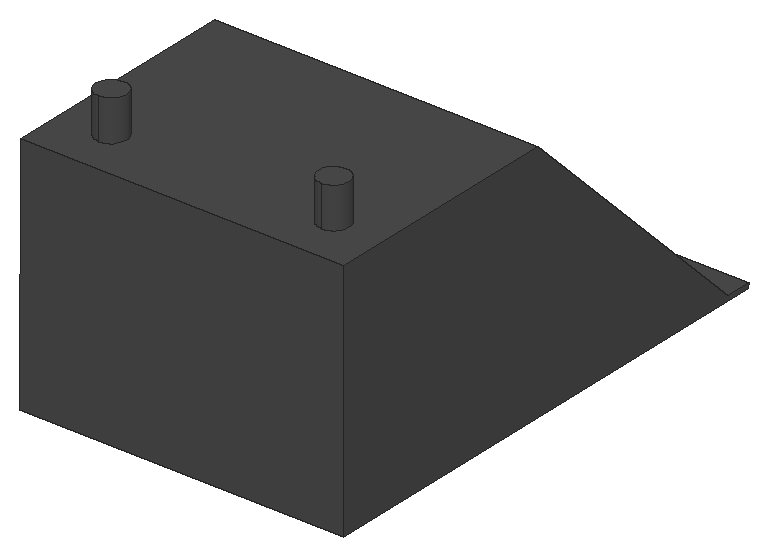
Revit family
Parameters (values of type "SCR740")
  offset [instance] = 0' - 0"
  Warranty Duration (Years) = 0
  Unit Width = 0' - 8"
  Unit Height = 1' - 0"
  Unit Depth = 0' - 6"
  URL = "http://www.birdbgone.com/"
  Test Data = "http://www.birdbgone.com/bird-control-product-msds"
  Specification = "http://www.arcat.com/sdspecs/htm/10290bir.htm"
  SpecWizard = ""
  Send Message = "http://www.arcat.com/users.pl?action=UserEmail&company=Bird-B-Gone,%20Inc.&coid=38371&rep=147&fax=949-472-3116&mf="
  Sales Information = "http://www.birdbgone.com/bird-control-store/"
  Revision = "R1_10-2010"
  Product Properties = "http://www.arcat.com/bim/bim_info.pl?fn=BirdBGone"
  Product Data = "http://www.arcat.com/arcatcos/cos38/arc38371.html"
  Model = "As Specified in 10 81 19"
  Material [instance] = Metal - Bird B Gone - Black
  Manufacturer Website = "http://www.birdbgone.com/"
  Manufacturer Phone - Toll Free = "800-392-6915"
  Manufacturer Phone = "949-472-3122"
  Manufacturer Fax = "949-472-3116"
  Manufacturer Address = "23918 Skyline, Mission Viejo, CA 92692"
  Manufacturer = "Bird-B-Gone, Inc."
  Maintenance Schedule (Months) = 0
  Keynote = "10 81 19"
  Installation-Fabrication = "http://www.birdbgone.com/installation-instructions"
  Installation Phase = ""
  Green Building-LEED = "http://www.arcat.com/green/clients/leed_data_38371.html"
  Expected Lifespan (Years) = 0
  Drawn By = "Robert S. Weygant, CSI, CDT, SCIP"
  Description = "Bird Control Equipment as Specified in 10 81 19"
  Default Elevation = 4' - 0"
  Copyright = "wt"
  Construction Details = "http://www.arcat.com/details/birdbgon/birdbgon.html?coid=38371"
  Building Codes = "http://www.birdbgone.com/knowledge-center/"
  Assembly Code = "E1090900"
Reference planes (in)
  plane 1 "Center (Front/Back)": y = 0
  plane 2 "Bottom": z = 0
  plane 3 "Center (Left/Right)": x = 0
  plane 4 "Top": z = 6
  plane 5: x = -4
  plane 6: x = 4
  plane 7: y = 6
  plane 8: y = -6
Forms (in)
  Extrusion 1, solid, material "Metal - Bird B Gone - Black" <- "Material", detail levels medium+fine
    sketch origin (0, 0, 0) x (0, 1, 0) y (0, 0, 1)
      loop
        line (5.875, 0.125) -> (0, 6) -> (-6, 6) -> (-6, 0) -> (6.5, 0) -> (6.5, 0.125) -> (5.875, 0.125)
    from -4 to 4
  Extrusion 2, solid, material "Metal - Bird B Gone - Black" <- "Material", detail levels medium+fine
    sketch origin (-1.25, 1.25, 6) x (0, -1, 0) y (1, 0, 0)
      loop
        circle (6, 4) r 0.375
    from 0 to 1
  Extrusion 3, solid, material "Metal - Bird B Gone - Black" <- "Material", detail levels medium+fine
    sketch origin (1.25, 1.25, 6) x (0, -1, 0) y (1, 0, 0)
      loop
        circle (6, -4) r 0.375
    from 0 to 1
Cuts and joins
  joined: Extrusion 1, Extrusion 2, Extrusion 3
Lines and regions (in)
  model lines, style "Bird Control", detail levels fine
    curve 1: line (3.5, 0.35355, 5.64645) -> (3.5, 5.52145, 0.47855)
    curve 2: line (-3.5, 0.35355, 5.64645) -> (3.5, 0.35355, 5.64645)
    curve 3: line (-3.5, 5.52145, 0.47855) -> (-3.5, 0.35355, 5.64645)
    curve 4: line (3.5, 5.52145, 0.47855) -> (-3.5, 5.52145, 0.47855)
    curve 5: line (1, -0.5, 6) -> (1, -1, 6)
    curve 6: line (-1, -0.5, 6) -> (1, -0.5, 6)
    curve 7: line (-1, -1, 6) -> (-1, -0.5, 6)
    curve 8: line (1, -1, 6) -> (-1, -1, 6)
    curve 9: circle (0, -4.75, 6) r 0.25 normal (0, 0, 1)
Dimensions and locks (in)
  "Unit Depth": plane 4 "Top" to level
  equal spacing: plane 5, plane 3 "Center (Left/Right)", plane 6
  "Unit Width": plane 5 to plane 6
  equal spacing: plane 7, plane 1 "Center (Front/Back)", plane 8
  "Unit Height": plane 7 to plane 8
  aligned and locked: Extrusion 1 to plane 5
  aligned and locked: Extrusion 1 to plane 6
Automatic sketch dimensions
  Extrusion 1 sketch curve to level = 0' - 0"
  Extrusion 1 sketch curve to plane 8 = 0' - 0"
  Extrusion 1 sketch curve to plane 1 "Center (Front/Back)" = 0' - 0"
  Extrusion 1 sketch curve to plane 4 "Top" = 0' - 0"
  Extrusion 1 sketch curve to plane 7 = 0' - 0 1/8"
  level to Extrusion 1 sketch curve = 0' - 0 1/8"
  plane 7 to Extrusion 1 sketch curve = 0' - 0 1/2"
  Extrusion 1 to curve 1 = 0' - 0 1/2"
  Extrusion 1 to curve 3 = 0' - 0 1/2"  (x2)
  Extrusion 1 to curve 2 = 0' - 0 1/2"
  Extrusion 2 sketch curve to Extrusion 1 = 0' - 1 1/4"
  Extrusion 1 to Extrusion 2 sketch curve = 0' - 1 1/4"
  Extrusion 3 sketch curve to Extrusion 1 = 0' - 1 1/4"
  Extrusion 1 to Extrusion 3 sketch curve = 0' - 1 1/4"
  curve 7 to Extrusion 1 = 0' - 0 1/2"
  curve 6 to curve 7 = 0' - 0 1/2"
  curve 9 to Extrusion 1 = 0' - 1 1/4"
  Extrusion 1 to curve 8 = 0' - 3"
  curve 7 to curve 9 = 0' - 1"
  curve 7 to curve 8 = 0' - 2"
  radius of Extrusion 2 sketch curve = 0' - 0 3/8"
  radius of Extrusion 3 sketch curve = 0' - 0 3/8"
  radius of curve 9 = 0' - 0 1/4"
